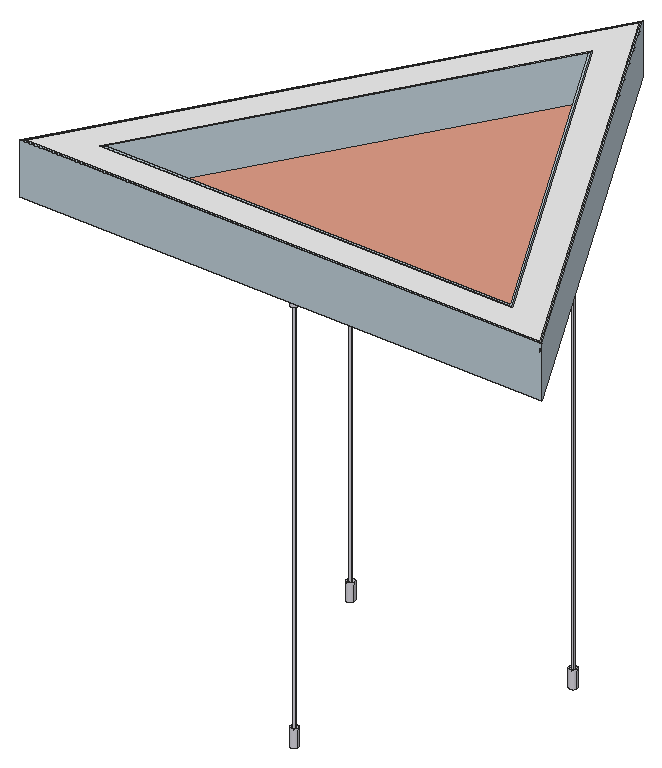
Revit family "TRIA PENDANT LIGHT", category Lighting Fixtures, host Face, Revit 2020
Family settings
  Host = Face
  Round Connector Dimension = Use Diameter
  Part Type = Normal
  Cut with Voids When Loaded = No
  Light Source = Yes
  Shared = No
  Room Calculation Point = No
Parameters (values of type "TRIA-90-40901-ACPMK-WH")
  Wattage Comments = "90W"
  Wattage = 60.5889 W
  WATTS = 90 W
  built-in parameter 1150110 = 1 (stored number, unit not read)
  Voltage Comments = "120-277V"  # constant formula
  Voltage = 277 V  # constant formula
  URL = "https://www.abovealllighting.com/Uploads/files/202403/TRIALightSPEC20240325.pdf"
  Type Comments = "TRIA PENDANT LIGHT"  # constant formula
  built-in parameter 1114217 = 1 (stored number, unit not read)
  Tilt Angle = -90.00°
  built-in parameter 1150109 = 1 (stored number, unit not read)
  built-in parameter 1150134 = 12
  Suspender Material = Acoustic -130
  built-in parameter 1150113 = 1 (stored number, unit not read)
  Photometric Web File = "generic"
  PENDENT MATERIAL = ALUMINIUM
  Order number = "16946"
  built-in parameter 1150142 = (empty or 0)
  Model = "TRIA-90-40901-ACPMK-WH"
  Manufacturer = "Above All Lighting"  # constant formula
  built-in parameter 1150105 = 716.2 (stored number, unit not read)
  Lumens = 9000 lm
  built-in parameter 1150115 = 1 (stored number, unit not read)
  built-in parameter 1150137 = (empty or 0)
  built-in parameter 1150139 = (empty or 0)
  built-in parameter 1150112 = 1 (stored number, unit not read)
  built-in parameter 1150114 = 1 (stored number, unit not read)
  Lamp = "TRIA PENDANT LIGHT"  # constant formula
  built-in parameter 1150132 = 2
  built-in parameter 1150102 = (empty or 0)
  built-in parameter 1150107 = 4000 (stored number, unit not read)
  built-in parameter 1150138 = (empty or 0)
  built-in parameter 1150106 = 7.162 (stored number, unit not read)
  IP Rating = "20"  # constant formula
  Fixture Height = 2' - 0"
  Finish/Color = WHITE
  built-in parameter 1150104 = 13.8 (stored number, unit not read)
  Dimming Lamp Color Temperature Shift = <None>
  Dimming / Control Comments = "0-10V Dim"  # constant formula
  Description = "The TRIA pendant comes in geometric triangle forms. Available in multiple sizes to fit the scale,\r\nproportions and light output requirements of the project. Optional acoustic system that maximizes \r\nsurface area to absorb sound waves and improve harmony in the installed space, providing a perfect \r\nintegration of lighting and acoustic control. "  # constant formula
  Default Elevation = 4' - 0"
  Color Filter = 16777215
  CRI = "90"  # constant formula
  Bulb Material = BLUB
  built-in parameter 1114218 = 1 (stored number, unit not read)
  Average life based on 77F(HRS) = "50000"  # constant formula
  built-in parameter 1150133 = 10 (stored number, unit not read)
  Apparent Load = 0 VA
  90W = yes
  40W = no
  25W = no
  180W = no
Reference planes (in)
  plane 1 "Center (Front/Back)": y = 0
  plane 2: z = 0
  plane 3 "Center (Left/Right)": x = 0
  plane 4: z = 24
  plane 5: z = 27
Dimensions and locks (in)
  "Fixture Height": plane 4 to plane 2
  locked: plane 5 to plane 4 at 3
  aligned and locked: plane 2 to host face
  aligned and locked: level to host face
  aligned and locked: plane 3 "Center (Left/Right)" to nested 1
  aligned and locked: plane 1 "Center (Front/Back)" to nested 1
  aligned and locked: plane 3 "Center (Left/Right)" to nested 2
  aligned and locked: plane 1 "Center (Front/Back)" to nested 2
  aligned and locked: plane 3 "Center (Left/Right)" to nested 3
  aligned and locked: plane 1 "Center (Front/Back)" to nested 3
  aligned and locked: plane 3 "Center (Left/Right)" to nested 4
  aligned and locked: plane 1 "Center (Front/Back)" to nested 4
  aligned and locked: plane 3 "Center (Left/Right)" to imposter light
  aligned and locked: imposter light to plane 1 "Center (Front/Back)"
  aligned and locked: plane 5 to imposter light
Automatic sketch dimensions
  host sketch curve to host sketch curve = 8' - 0"  (x2)
Nested families (in)
  nested 1: "NEST90W" at (0, 0, 0), Fixture Height <- "Fixture Height", Body Material <- "Finish/Color", Bulb Material <- "Bulb Material", PENDENT MATERIAL <- "PENDENT MATERIAL", Suspender Material <- "Suspender Material", 90W <- "90W", visible <- "90W", type "NEST90W"
    with Suspender Material Acoustic -130, PENDENT MATERIAL ALUMINIUM, Fixture Height 2' - 0", Bulb Material BLUB, Body Material WHITE, 90W yes
  nested 2: "NEST25W" at (0, 0, 0), 25W <- "25W", visible <- "25W", Body Material <- "Finish/Color", Bulb Material <- "Bulb Material", Suspender Material <- "Suspender Material", PENDENT MATERIAL <- "PENDENT MATERIAL", Fixture Height <- "Fixture Height", type "NEST25W"
    with Suspender Material Acoustic -130, PENDENT MATERIAL ALUMINIUM, Fixture Height 2' - 0", Bulb Material BLUB, Body Material WHITE, 25W no
  nested 3: "NEST40W" at (0, 0, 0), 40W <- "40W", visible <- "40W", Body Material <- "Finish/Color", Bulb Material <- "Bulb Material", PENDENT MATERIAL <- "PENDENT MATERIAL", Suspender Material <- "Suspender Material", Fixture Height <- "Fixture Height", type "NEST40W"
    with Suspender Material Acoustic -130, PENDENT MATERIAL ALUMINIUM, Fixture Height 2' - 0", Bulb Material BLUB, Body Material WHITE, 40W no
  nested 4: "NEST180W" at (0, 0, 0), 180W <- "180W", visible <- "180W", Body Material <- "Finish/Color", Bulb Material <- "Bulb Material", PENDENT MATERIAL <- "PENDENT MATERIAL", Suspender Material <- "Suspender Material", Fixture Height <- "Fixture Height", type "NEST180W"
    with Suspender Material Acoustic -130, PENDENT MATERIAL ALUMINIUM, Fixture Height 2' - 0", Bulb Material BLUB, Body Material WHITE, 180W no
Connectors (in)
  electrical at (0, 0, 0), driven by "Voltage", driven by "Apparent Load"
    settings: on host face, index 1, voltage 277 V, apparent load 0 VA, apparent load phase1 0 VA, apparent load phase2 0 VA, apparent load phase3 0 VA, power factor 1, load classification "Lighting", number of poles 1, system type 30, power factor state 1, is connector primary yes, connector utility no, sub classification motor no, connector description ""
Definition of nested family "NEST90W"
  Parameters (values of type "NEST90W")
    Suspender Material [instance] = none
    PENDENT MATERIAL [instance] = none
    H = 0' - 3"
    Fixture Height [instance] = 2' - 6"
    Default Elevation = 0' - 0"
    Bulb Material [instance] = none
    Body Material [instance] = none
    B = 2' - 2.6"
    A = 2' - 6.7"
    90W [instance] = yes
  Reference planes (in)
    plane 1 "Center (Front/Back)": y = 0
    plane 2: z = 0
    plane 3 "Center (Left/Right)": x = 0
    plane 4: x = -15.35
    plane 5: x = 15.35
    plane 6: y = 13.3
    plane 7: y = -13.3
    plane 8: z = 33
    plane 9: z = 30
  Forms (in)
    Extrusion 1, solid, material <- "Body Material", visible <- "90W"
      sketch origin (0, 0, 27.875) x (0, -1, 0) y (1, 0, 0)
        loop
          line (-13.3, 0) -> (13.3, -15.35) -> (13.3, 15.35) -> (-13.3, 0)
        loop
          line (-13.08354, 0) -> (13.175, -15.15282) -> (13.175, 15.15282) -> (-13.08354, 0)
      from 4.60371 to 5.125
    Extrusion 2, solid, material <- "Body Material", visible <- "90W"
      sketch origin (0, 0, 25) x (1, 0, 0) y (0, 1, 0)
        loop
          line (0, 13.3) -> (-15.35, -13.3) -> (15.35, -13.3) -> (0, 13.3)
        loop
          line (0, 9.35855) -> (-11.93869, -11.33) -> (11.93869, -11.33) -> (0, 9.35855)
      from 5 to 7.47871
    Extrusion 3, solid, material <- "Bulb Material", visible <- "90W"
      sketch origin (0, 0, 25) x (1, 0, 0) y (0, 1, 0)
        loop
          line (-15.15282, -13.175) -> (15.15282, -13.175) -> (0, 13.08354) -> (-15.15282, -13.175)
        loop
          line (0, 9.58841) -> (-12.12351, -11.44) -> (12.12351, -11.44) -> (0, 9.58841)
      from 7.47871 to 8
    Extrusion 4, solid, material <- "Suspender Material", visible <- "90W"
      sketch origin (0, 0, 25) x (1, 0, 0) y (0, 1, 0)
        loop
          line (-11.9327, -11.33) -> (11.9327, -11.33) -> (0, 9.3689) -> (-11.9327, -11.33)
      from 5 to 5.49158
    Revolve 5, solid, material <- "PENDENT MATERIAL", visible <- "90W"
      sketch origin (6.54155, 0, 0) x (1, 0, 0) y (0, 0, 1)
        loop
          line (0, 30) -> (-0.21875, 30) -> (-0.21875, 29.25) -> (-0.07459, 29.25) -> (-0.07459, 1) -> (-0.21875, 1) -> (-0.21875, 0) -> (0, 0) -> (0, 30)
        axis (0, 0) -> (0, 30)
      angle from 0 to 360
    Revolve 6, solid, material <- "PENDENT MATERIAL", visible <- "90W"
      sketch origin (0, -12.30698, 0) x (1, 0, 0) y (0, 0, 1)
        loop
          line (0, 30) -> (-0.21875, 30) -> (-0.21875, 29.25) -> (-0.07459, 29.25) -> (-0.07459, 1) -> (-0.21875, 1) -> (-0.21875, 0) -> (0, 0) -> (0, 30)
        axis (0, 0) -> (0, 30)
      angle from 0 to 360
    Revolve 7, solid, material <- "PENDENT MATERIAL", visible <- "90W"
      sketch origin (-6.54155, 0, 0) x (-1, 0, 0) y (0, 0, 1)
        loop
          line (0, 30) -> (-0.21875, 30) -> (-0.21875, 29.25) -> (-0.07459, 29.25) -> (-0.07459, 1) -> (-0.21875, 1) -> (-0.21875, 0) -> (0, 0) -> (0, 30)
        axis (0, 0) -> (0, 30)
      angle from 0 to 360
    Extrusion 8, solid, material <- "Body Material", visible <- "90W"
      sketch origin (0, 0, 0) x (1, 0, 0) y (0, 1, 0)
        loop
          line (0, 9.58841) -> (-12.12351, -11.44) -> (12.12351, -11.44) -> (0, 9.58841)
        loop
          line (0, 9.35855) -> (-11.93869, -11.33) -> (11.93869, -11.33) -> (0, 9.35855)
      from 32.47871 to 33
  Cuts and joins
    joined: Extrusion 1, Extrusion 2, Extrusion 8
  Dimensions and locks (in)
    equal spacing: plane 4, plane 3 "Center (Left/Right)", plane 5
    "A": plane 4 to plane 5
    equal spacing: plane 6, plane 1 "Center (Front/Back)", plane 7
    "B": plane 6 to plane 7
    locked: Extrusion 1 to Extrusion 2 sketch curve at 1.97  (x3)
    locked: Extrusion 2 to Extrusion 2 at 2.47871
    "H": plane 8 to plane 9
    "Fixture Height": plane 9 to plane 2
    locked: Extrusion 4 to Extrusion 4 at 0.49158
    aligned and locked: plane 2 to level
    aligned and locked: Extrusion 2 sketch curve to Extrusion 1  (x3)
    aligned and locked: plane 9 to Extrusion 2
    aligned and locked: Extrusion 4 to plane 9
    aligned and locked: plane 8 to Extrusion 1
    aligned and locked: Extrusion 1 to plane 8
    aligned and locked: Extrusion 1 to Extrusion 3  (x2)
    aligned and locked: Extrusion 2 to Extrusion 4
    aligned and locked: Extrusion 1 to Extrusion 2
    aligned and locked: Extrusion 2 to Revolve 6
    aligned and locked: Extrusion 2 to Revolve 5
    aligned and locked: Revolve 5 to plane 2  (x2)
    aligned and locked: plane 2 to Revolve 6
    aligned and locked: plane 9 to Revolve 7
    aligned and locked: plane 9 to Revolve 6
    aligned and locked: plane 9 to Revolve 5
    aligned and locked: plane 2 to Revolve 7
    aligned and locked: Revolve 6 to plane 2
    aligned and locked: Extrusion 8 sketch curve to Extrusion 3  (x3)
    aligned and locked: Extrusion 8 sketch curve to cut or joined group of Extrusion 1, Extrusion 2, Extrusion 8  (x3)
    aligned and locked: plane 8 to Extrusion 8
    aligned and locked: Extrusion 8 to cut or joined group of Extrusion 1, Extrusion 2, Extrusion 8
  Automatic sketch dimensions
    Extrusion 1 sketch curve to plane 3 "Center (Left/Right)" = 0' - 0"  (x2)
    Extrusion 1 sketch curve to plane 6 = 0' - 0"
    Extrusion 1 sketch curve to plane 5 = 0' - 0"
    plane 7 to Extrusion 1 sketch curve = 0' - 0"
    Extrusion 1 sketch curve to plane 4 = 0' - 0"
    Extrusion 1 sketch curve to Extrusion 1 sketch curve = 0' - 0.21646"
    Extrusion 1 sketch curve to plane 7 = 0' - 0 1/8"
    plane 4 to Extrusion 1 sketch curve = 0' - 0.19718"
    plane 5 to Extrusion 1 sketch curve = 0' - 0.19718"
    Extrusion 3 sketch curve to plane 3 "Center (Left/Right)" = 0' - 0"  (x2)
    plane 4 to Extrusion 3 sketch curve = 0' - 0.19718"
    plane 5 to Extrusion 3 sketch curve = 0' - 0.19718"
    Extrusion 3 sketch curve to plane 7 = 0' - 0 1/8"
    Extrusion 3 sketch curve to plane 6 = 0' - 0.21646"
    Revolve 5 sketch curve to plane 9 = 0' - 0"
    Revolve 5 sketch curve to level = 0' - 0"
    level to Revolve 5 sketch curve = 0' - 1"
    plane 3 "Center (Left/Right)" to Revolve 5 sketch curve = 0' - 6.3228"  (x2)
    Revolve 5 sketch curve to Revolve 5 sketch curve = 0' - 0.14416"
    Revolve 5 sketch curve to Revolve 5 sketch curve = 0' - 0 7/32"
    Revolve 5 sketch curve to plane 9 = 0' - 0 3/4"
    Revolve 5 sketch curve to Revolve 5 sketch curve = 0' - 0"
    level to Revolve 5 sketch curve = 0' - 0 1/2"
    Revolve 5 sketch curve to Revolve 5 sketch curve = 0' - 1"
    Revolve 6 sketch curve to plane 9 = 0' - 0"
    Revolve 6 sketch curve to level = 0' - 0"
    Revolve 6 sketch curve to plane 3 "Center (Left/Right)" = 0' - 0"  (x2)
    Revolve 6 sketch curve to plane 3 "Center (Left/Right)" = 0' - 0.07459"
    Revolve 6 sketch curve to Revolve 6 sketch curve = 0' - 0.14416"  (x2)
    level to Revolve 6 sketch curve = 0' - 1"
    Revolve 6 sketch curve to plane 9 = 0' - 0 3/4"
    level to Revolve 6 sketch curve = 0' - 0 1/2"
    Revolve 6 sketch curve to Revolve 6 sketch curve = 0' - 1"
    Revolve 7 sketch curve to plane 9 = 0' - 0"
    Revolve 7 sketch curve to level = 0' - 0"
    Revolve 7 sketch curve to level = 0' - 1"
    plane 3 "Center (Left/Right)" to Revolve 7 sketch curve = 0' - 6.3228"  (x2)
    Revolve 7 sketch curve to Revolve 7 sketch curve = 0' - 0.14416"
    Revolve 7 sketch curve to Revolve 7 sketch curve = 0' - 0 7/32"
    plane 9 to Revolve 7 sketch curve = 0' - 0 3/4"
    Revolve 7 sketch curve to Revolve 7 sketch curve = 0' - 0"
    Revolve 7 sketch curve to level = 0' - 0 1/2"
    Revolve 7 sketch curve to Revolve 7 sketch curve = 0' - 1"
    plane 4 to Extrusion 3 sketch curve = 0' - 3.22649"
    plane 5 to Extrusion 3 sketch curve = 0' - 3.22649"
    Extrusion 3 sketch curve to plane 7 = 0' - 1.86"
    Extrusion 3 sketch curve to Extrusion 3 sketch curve = 0' - 3.49513"
    Extrusion 4 sketch curve to plane 3 "Center (Left/Right)" = 0' - 0"
    plane 4 to Extrusion 4 sketch curve = 0' - 3.4173"
    plane 5 to Extrusion 4 sketch curve = 0' - 3.4173"
    Extrusion 4 sketch curve to plane 7 = 0' - 1.97"
    Extrusion 4 sketch curve to plane 6 = 0' - 3.9311"
Definition of nested family "NEST25W"
  Parameters (values of type "NEST25W")
    Suspender Material [instance] = none
    PENDENT MATERIAL [instance] = none
    H = 0' - 3"
    Fixture Height [instance] = 0' - 10"
    Default Elevation = 0' - 0"
    Bulb Material [instance] = none
    Body Material [instance] = none
    B = 1' - 2.2"
    A = 1' - 4.4"
    25W [instance] = yes
  Reference planes (in)
    plane 1 "Center (Front/Back)": y = 0
    plane 2: z = 0
    plane 3 "Center (Left/Right)": x = 0
    plane 4: x = -8.2
    plane 5: x = 8.2
    plane 6: y = 7.1
    plane 7: y = -7.1
    plane 8: z = 10
    plane 9: z = 13
  Forms (in)
    Sweep 1, solid, material <- "Body Material", visible <- "25W"
      path origin (0, 0, 24) x (1, 0, 0) y (0, 0, 1)
        loop
          line (-8.2, -14) -> (-8.2, -11.25)
      profile origin (-8.2, 0, 11.375) x (-1, 0, 0) y (0, -1, 0)
        loop
          line (0, 7.1) -> (-16.4, 7.1) -> (-8.2, -7.1) -> (0, 7.1)
        loop
          line (-3.41248, 5.13) -> (-12.98752, 5.13) -> (-8.2, -3.16059) -> (-3.41248, 5.13)
    Extrusion 2, solid, material <- "Suspender Material", visible <- "25W"
      sketch origin (0, 0, 24) x (1, 0, 0) y (0, 1, 0)
        loop
          line (-4.9847, -5.255) -> (4.9847, -5.255) -> (0, 3.37705) -> (-4.9847, -5.255)
        loop
          line (-4.78752, -5.13) -> (4.78752, -5.13) -> (0, 3.16059) -> (-4.78752, -5.13)
      from -14 to -11
    Extrusion 3, solid, material <- "Body Material", visible <- "25W"
      sketch origin (0, 0, 26.875) x (0, -1, 0) y (1, 0, 0)
        loop
          line (-7.1, 0) -> (7.1, -8.2) -> (7.1, 8.2) -> (-7.1, 0)
        loop
          line (-6.88354, 0) -> (6.975, -8.00282) -> (6.975, 8.00282) -> (-6.88354, 0)
      from -16.875 to -13.875
    Sweep 4, solid, material <- "Bulb Material", visible <- "25W"
      path origin (0, 0, 27) x (1, 0, 0) y (0, 0, -1)
        loop
          line (-8.2, 14.25) -> (-8.2, 14)
      profile origin (-8.2, 0, 12.875) x (-1, 0, 0) y (0, -1, 0)
        loop
          line (-0.19718, 6.975) -> (-16.20282, 6.975) -> (-8.2, -6.88354) -> (-0.19718, 6.975)
        loop
          line (-8.2, -3.37705) -> (-3.2153, 5.255) -> (-13.1847, 5.255) -> (-8.2, -3.37705)
    Extrusion 5, solid, material <- "Suspender Material", visible <- "25W"
      sketch origin (0, 0, 24) x (1, 0, 0) y (0, 1, 0)
        loop
          line (-4.78752, -5.13) -> (4.78752, -5.13) -> (0, 3.16059) -> (-4.78752, -5.13)
      from -14 to -13.75
    Revolve 6, solid, material <- "PENDENT MATERIAL", visible <- "25W"
      sketch origin (-3.00974, 0, 0) x (1, 0, 0) y (0, 0, 1)
        loop
          line (0, 10) -> (-0.21875, 10) -> (-0.21875, 9.25) -> (-0.07459, 9.25) -> (-0.07459, 1) -> (-0.21875, 1) -> (-0.21875, 0) -> (0, 0) -> (0, 10)
        axis (0, 0) -> (0, 10)
      angle from 0 to 360
    Revolve 7, solid, material <- "PENDENT MATERIAL", visible <- "25W"
      sketch origin (2.99026, 0, 0) x (1, 0, 0) y (0, 0, 1)
        loop
          line (0, 10) -> (-0.21875, 10) -> (-0.21875, 9.25) -> (-0.07459, 9.25) -> (-0.07459, 1) -> (-0.21875, 1) -> (-0.21875, 0) -> (0, 0) -> (0, 10)
        axis (0, 0) -> (0, 10)
      angle from 0 to 360
    Revolve 8, solid, material <- "PENDENT MATERIAL", visible <- "25W"
      sketch origin (0, -6.13094, 0) x (1, 0, 0) y (0, 0, 1)
        loop
          line (0, 10) -> (-0.21875, 10) -> (-0.21875, 9.25) -> (-0.07459, 9.25) -> (-0.07459, 1) -> (-0.21875, 1) -> (-0.21875, 0) -> (0, 0) -> (0, 10)
        axis (0, 0) -> (0, 10)
      angle from 0 to 360
  Cuts and joins
    joined: Extrusion 2, Extrusion 5
  Dimensions and locks (in)
    equal spacing: plane 4, plane 3 "Center (Left/Right)", plane 5
    "A": plane 4 to plane 5
    equal spacing: plane 6, plane 1 "Center (Front/Back)", plane 7
    "B": plane 6 to plane 7
    plane 5 to plane 4 = 1' - 4.4"
    Sweep 1 sketch curve to Sweep 1 sketch curve = 1' - 4.39756"
    "H": plane 9 to plane 8
    locked: Extrusion 5 to Sweep 1 at 0.25
    "Fixture Height": plane 8 to plane 2
    aligned and locked: plane 2 to level
    aligned and locked: Extrusion 2 sketch curve to Sweep 1  (x3)
    aligned and locked: plane 8 to Sweep 1
    aligned and locked: plane 8 to Extrusion 5
    aligned and locked: plane 9 to Extrusion 3
    aligned and locked: plane 9 to Sweep 4
    aligned and locked: plane 9 to Extrusion 2
    aligned and locked: Extrusion 3 to Extrusion 2
    aligned and locked: Extrusion 5 to Sweep 1
    aligned and locked: Revolve 6 to plane 8
    aligned and locked: Revolve 8 to plane 8
    aligned and locked: Revolve 7 to plane 8
    aligned and locked: Extrusion 3 to plane 8
  Automatic sketch dimensions
    Sweep 1 sketch curve to plane 4 = 0' - 0"
    Sweep 1 sketch curve to plane 8 = 0' - 0"
    Sweep 1 sketch curve to plane 9 = 0' - 0 1/4"
    Sweep 1 sketch curve to profile plane = 0' - 0"
    profile plane to Sweep 1 sketch curve = 0' - 3.41248"
    profile plane to Sweep 1 sketch curve = 0' - 8.2"
    Sweep 1 sketch curve to profile plane = 0' - 3.16059"
    Sweep 1 sketch curve to Sweep 1 sketch curve = 0' - 0"
    Sweep 1 sketch curve to Sweep 1 sketch curve = 0' - 4.78752"
    Sweep 1 sketch curve to Sweep 1 sketch curve = 0' - 3.41248"
    Sweep 1 sketch curve to Sweep 1 sketch curve = 0' - 3.93941"
    Sweep 1 sketch curve to Sweep 1 sketch curve = 0' - 1.97"
    Extrusion 2 sketch curve to plane 3 "Center (Left/Right)" = 0' - 0"
    Extrusion 2 sketch curve to Extrusion 2 sketch curve = 0' - 0.19718"  (x2)
    Extrusion 2 sketch curve to Extrusion 2 sketch curve = 0' - 0 1/8"
    Extrusion 2 sketch curve to Extrusion 2 sketch curve = 0' - 0.21646"
    Extrusion 3 sketch curve to plane 3 "Center (Left/Right)" = 0' - 0"  (x2)
    Extrusion 3 sketch curve to plane 6 = 0' - 0"
    Extrusion 3 sketch curve to plane 5 = 0' - 0"
    plane 7 to Extrusion 3 sketch curve = 0' - 0"
    Extrusion 3 sketch curve to plane 4 = 0' - 0"
    Extrusion 3 sketch curve to plane 6 = 0' - 0.21646"
    Extrusion 3 sketch curve to plane 7 = 0' - 0 1/8"
    plane 4 to Extrusion 3 sketch curve = 0' - 0.19718"
    plane 5 to Extrusion 3 sketch curve = 0' - 0.19718"
    Sweep 4 sketch curve to plane 4 = 0' - 0"
    Sweep 4 sketch curve to plane 9 = 0' - 0"
    plane 9 to Sweep 4 sketch curve = 0' - 0 1/4"
    profile plane to Sweep 4 sketch curve = 0' - 6.975"
    profile plane to Sweep 4 sketch curve = 1' - 4.20282"
    profile plane to Sweep 4 sketch curve = 0' - 5.255"
    Sweep 4 sketch curve to Sweep 4 sketch curve = 0' - 3.01811"
    Sweep 4 sketch curve to profile plane = 0' - 3.37705"
    profile plane to Sweep 4 sketch curve = 0' - 8.2"
    Sweep 4 sketch curve to Sweep 4 sketch curve = 0' - 0"
    profile plane to Sweep 4 sketch curve = 0' - 3.2153"
    profile plane to Sweep 4 sketch curve = 0' - 0.19718"
    Sweep 4 sketch curve to Sweep 4 sketch curve = 0' - 3.50649"
    Extrusion 5 sketch curve to plane 3 "Center (Left/Right)" = 0' - 0"
    plane 4 to Extrusion 5 sketch curve = 0' - 3.41248"
    plane 5 to Extrusion 5 sketch curve = 0' - 3.41248"
    Extrusion 5 sketch curve to plane 7 = 0' - 1.97"
    Extrusion 5 sketch curve to plane 1 "Center (Front/Back)" = 0' - 3.16059"
    Revolve 6 sketch curve to level = 0' - 0"
    level to Revolve 6 sketch curve = 0' - 1"
    Revolve 6 sketch curve to plane 3 "Center (Left/Right)" = 0' - 3.22849"  (x2)
    Revolve 6 sketch curve to Revolve 6 sketch curve = 0' - 0.14416"
    Revolve 6 sketch curve to Revolve 6 sketch curve = 0' - 0 7/32"
    Revolve 6 sketch curve to Revolve 6 sketch curve = 0' - 8 1/4"
    Revolve 6 sketch curve to Revolve 6 sketch curve = 0' - 0 3/4"
    Revolve 6 sketch curve to Revolve 6 sketch curve = 0' - 0"
    level to Revolve 6 sketch curve = 0' - 0 1/2"
    Revolve 6 sketch curve to Revolve 6 sketch curve = 0' - 1"
    Revolve 7 sketch curve to level = 0' - 0"
    level to Revolve 7 sketch curve = 0' - 1"
    plane 3 "Center (Left/Right)" to Revolve 7 sketch curve = 0' - 2.77151"  (x2)
    Revolve 7 sketch curve to Revolve 7 sketch curve = 0' - 0.14416"
    Revolve 7 sketch curve to Revolve 7 sketch curve = 0' - 0 7/32"
    Revolve 7 sketch curve to Revolve 7 sketch curve = 0' - 8 1/4"
    Revolve 7 sketch curve to Revolve 7 sketch curve = 0' - 0 3/4"
    Revolve 7 sketch curve to Revolve 7 sketch curve = 0' - 0"
    level to Revolve 7 sketch curve = 0' - 0 1/2"
    Revolve 7 sketch curve to Revolve 7 sketch curve = 0' - 1"
    Revolve 8 sketch curve to level = 0' - 0"
    Revolve 8 sketch curve to plane 3 "Center (Left/Right)" = 0' - 0"  (x2)
    Revolve 8 sketch curve to plane 3 "Center (Left/Right)" = 0' - 0.07459"
    Revolve 8 sketch curve to Revolve 8 sketch curve = 0' - 0.14416"  (x2)
    level to Revolve 8 sketch curve = 0' - 1"
    Revolve 8 sketch curve to Revolve 8 sketch curve = 0' - 8 1/4"
    Revolve 8 sketch curve to Revolve 8 sketch curve = 0' - 0 3/4"
    level to Revolve 8 sketch curve = 0' - 0 1/2"
    Revolve 8 sketch curve to Revolve 8 sketch curve = 0' - 1"
Definition of nested family "NEST40W"
  Parameters (values of type "NEST40W")
    Suspender Material [instance] = none
    PENDENT MATERIAL [instance] = none
    H = 0' - 3"
    Fixture Height [instance] = 0' - 10"
    Default Elevation = 0' - 0"
    Bulb Material [instance] = none
    Body Material [instance] = none
    B = 1' - 5.7"
    A = 1' - 8 1/2"
    40W [instance] = yes
  Reference planes (in)
    plane 1 "Center (Front/Back)": y = 0
    plane 2: z = 0
    plane 3 "Center (Left/Right)": x = 0
    plane 4: x = -10.25
    plane 5: x = 10.25
    plane 6: y = 8.85
    plane 7: y = -8.85
    plane 8: z = 13
    plane 9: z = 10
  Forms (in)
    Extrusion 1, solid, material <- "Body Material", visible <- "40W"
      sketch origin (0, 0, 27.875) x (0, -1, 0) y (1, 0, 0)
        loop
          line (-8.85, 0) -> (8.85, -10.25) -> (8.85, 10.25) -> (-8.85, 0)
        loop
          line (-8.63354, 0) -> (8.725, -10.05282) -> (8.725, 10.05282) -> (-8.63354, 0)
      from -15.39629 to -14.875
    Extrusion 2, solid, material <- "Body Material", visible <- "40W"
      sketch origin (0, 0, 25) x (1, 0, 0) y (0, 1, 0)
        loop
          line (0, 8.85) -> (-10.25, -8.85) -> (10.25, -8.85) -> (0, 8.85)
        loop
          line (0, 4.9189) -> (-6.8327, -6.88) -> (6.8327, -6.88) -> (0, 4.9189)
      from -15 to -12.52129
    Extrusion 3, solid, material <- "Body Material", visible <- "40W"
      sketch origin (0, 0, 25) x (1, 0, 0) y (0, 1, 0)
        loop
          line (0, 4.9189) -> (-6.8327, -6.88) -> (6.8327, -6.88) -> (0, 4.9189)
        loop
          line (-7.02351, -6.99) -> (7.02351, -6.99) -> (0, 5.13841) -> (-7.02351, -6.99)
      from -12.52129 to -12
    Extrusion 4, solid, material <- "Bulb Material", visible <- "40W"
      sketch origin (0, 0, 25) x (1, 0, 0) y (0, 1, 0)
        loop
          line (-10.05282, -8.725) -> (10.05282, -8.725) -> (0, 8.63354) -> (-10.05282, -8.725)
        loop
          line (0, 5.13841) -> (-7.02351, -6.99) -> (7.02351, -6.99) -> (0, 5.13841)
      from -12.52129 to -12
    Extrusion 5, solid, material <- "Suspender Material", visible <- "40W"
      sketch origin (0, 0, 25) x (1, 0, 0) y (0, 1, 0)
        loop
          line (-6.8327, -6.88) -> (6.8327, -6.88) -> (0, 4.9189) -> (-6.8327, -6.88)
      from -15 to -14.50842
    Revolve 6, solid, material <- "PENDENT MATERIAL", visible <- "40W"
      sketch origin (-4.09235, 0, 0) x (1, 0, 0) y (0, 0, 1)
        loop
          line (0, 10) -> (-0.21875, 10) -> (-0.21875, 9.25) -> (-0.07459, 9.25) -> (-0.07459, 1) -> (-0.21875, 1) -> (-0.21875, 0) -> (0, 0) -> (0, 10)
        axis (0, 0) -> (0, 10)
      angle from 0 to 360
    Revolve 7, solid, material <- "PENDENT MATERIAL", visible <- "40W"
      sketch origin (4.04155, 0, 0) x (1, 0, 0) y (0, 0, 1)
        loop
          line (0, 10) -> (-0.21875, 10) -> (-0.21875, 9.25) -> (-0.07459, 9.25) -> (-0.07459, 1) -> (-0.21875, 1) -> (-0.21875, 0) -> (0, 0) -> (0, 10)
        axis (0, 0) -> (0, 10)
      angle from 0 to 360
    Revolve 8, solid, material <- "PENDENT MATERIAL", visible <- "40W"
      sketch origin (0, -7.93198, 0) x (1, 0, 0) y (0, 0, 1)
        loop
          line (0, 10) -> (-0.21875, 10) -> (-0.21875, 9.25) -> (-0.07459, 9.25) -> (-0.07459, 1) -> (-0.21875, 1) -> (-0.21875, 0) -> (0, 0) -> (0, 10)
        axis (0, 0) -> (0, 10)
      angle from 0 to 360
  Cuts and joins
    joined: Extrusion 1, Extrusion 2, Extrusion 3
  Dimensions and locks (in)
    equal spacing: plane 4, plane 3 "Center (Left/Right)", plane 5
    "A": plane 4 to plane 5
    equal spacing: plane 6, plane 1 "Center (Front/Back)", plane 7
    "B": plane 6 to plane 7
    locked: Extrusion 1 to Extrusion 2 sketch curve at 1.97  (x3)
    locked: Extrusion 2 to Extrusion 2 at 2.47871
    "H": plane 8 to plane 9
    "Fixture Height": plane 9 to plane 2
    locked: Extrusion 5 to Extrusion 5 at 0.49158
    aligned and locked: plane 2 to level
    aligned and locked: Extrusion 2 sketch curve to Extrusion 1  (x3)
    aligned and locked: Extrusion 4 sketch curve to Extrusion 3  (x3)
    aligned and locked: Extrusion 5 sketch curve to Extrusion 3  (x3)
    aligned and locked: plane 9 to Extrusion 2
    aligned and locked: Extrusion 5 to plane 9
    aligned and locked: plane 8 to Extrusion 1
    aligned and locked: Extrusion 1 to plane 8
    aligned and locked: plane 8 to Extrusion 3
    aligned and locked: Extrusion 1 to Extrusion 3  (x2)
    aligned and locked: Extrusion 1 to Extrusion 4  (x2)
    aligned and locked: Extrusion 2 to Extrusion 5
    aligned and locked: Extrusion 1 to Extrusion 2
    aligned and locked: Extrusion 2 to Revolve 6
    aligned and locked: Extrusion 2 to Revolve 8
    aligned and locked: Extrusion 2 to Revolve 7
    aligned and locked: Revolve 7 to plane 2
    aligned and locked: plane 2 to Revolve 8
    aligned and locked: plane 2 to Revolve 6
  Automatic sketch dimensions
    Extrusion 1 sketch curve to plane 3 "Center (Left/Right)" = 0' - 0"  (x2)
    Extrusion 1 sketch curve to plane 6 = 0' - 0"
    Extrusion 1 sketch curve to plane 5 = 0' - 0"
    plane 7 to Extrusion 1 sketch curve = 0' - 0"
    Extrusion 1 sketch curve to plane 4 = 0' - 0"
    Extrusion 1 sketch curve to Extrusion 1 sketch curve = 0' - 0.21646"
    Extrusion 1 sketch curve to plane 7 = 0' - 0 1/8"
    plane 4 to Extrusion 1 sketch curve = 0' - 0.19718"
    plane 5 to Extrusion 1 sketch curve = 0' - 0.19718"
    Extrusion 3 sketch curve to plane 3 "Center (Left/Right)" = 0' - 0"  (x2)
    plane 4 to Extrusion 3 sketch curve = 0' - 3.4173"
    Extrusion 3 sketch curve to Extrusion 3 sketch curve = 0' - 0.19081"  (x2)
    plane 5 to Extrusion 3 sketch curve = 0' - 3.4173"
    Extrusion 3 sketch curve to plane 7 = 0' - 1.86"
    Extrusion 3 sketch curve to Extrusion 3 sketch curve = 0' - 0.11"
    Extrusion 3 sketch curve to plane 6 = 0' - 3.9311"
    Extrusion 3 sketch curve to Extrusion 3 sketch curve = 0' - 0.2195"
    Extrusion 4 sketch curve to plane 3 "Center (Left/Right)" = 0' - 0"
    plane 4 to Extrusion 4 sketch curve = 0' - 0.19718"
    plane 5 to Extrusion 4 sketch curve = 0' - 0.19718"
    Extrusion 4 sketch curve to plane 7 = 0' - 0 1/8"
    Extrusion 4 sketch curve to plane 6 = 0' - 0.21646"
    Revolve 6 sketch curve to plane 9 = 0' - 0"
    Revolve 6 sketch curve to level = 0' - 0"
    level to Revolve 6 sketch curve = 0' - 1"
    Revolve 6 sketch curve to plane 3 "Center (Left/Right)" = 0' - 4.3111"  (x2)
    Revolve 6 sketch curve to Revolve 6 sketch curve = 0' - 0.14416"
    Revolve 6 sketch curve to Revolve 6 sketch curve = 0' - 0 7/32"
    Revolve 6 sketch curve to plane 9 = 0' - 0 3/4"
    Revolve 6 sketch curve to Revolve 6 sketch curve = 0' - 0"
    Revolve 6 sketch curve to Revolve 6 sketch curve = 0' - 0 1/2"
    Revolve 6 sketch curve to Revolve 6 sketch curve = 0' - 1"
    Revolve 7 sketch curve to plane 9 = 0' - 0"
    Revolve 7 sketch curve to level = 0' - 0"
    level to Revolve 7 sketch curve = 0' - 1"
    plane 3 "Center (Left/Right)" to Revolve 7 sketch curve = 0' - 3.8228"  (x2)
    Revolve 7 sketch curve to Revolve 7 sketch curve = 0' - 0.14416"
    Revolve 7 sketch curve to Revolve 7 sketch curve = 0' - 0 7/32"
    Revolve 7 sketch curve to plane 9 = 0' - 0 3/4"
    Revolve 7 sketch curve to Revolve 7 sketch curve = 0' - 0"
    Revolve 7 sketch curve to Revolve 7 sketch curve = 0' - 0 1/2"
    Revolve 7 sketch curve to Revolve 7 sketch curve = 0' - 1"
    Revolve 8 sketch curve to plane 9 = 0' - 0"
    Revolve 8 sketch curve to level = 0' - 0"
    Revolve 8 sketch curve to plane 3 "Center (Left/Right)" = 0' - 0"  (x2)
    Revolve 8 sketch curve to plane 3 "Center (Left/Right)" = 0' - 0.07459"
    Revolve 8 sketch curve to Revolve 8 sketch curve = 0' - 0.14416"  (x2)
    Revolve 8 sketch curve to Revolve 8 sketch curve = 0' - 1"  (x2)
    Revolve 8 sketch curve to plane 9 = 0' - 0 3/4"
    Revolve 8 sketch curve to Revolve 8 sketch curve = 0' - 0 1/2"
Definition of nested family "NEST180W"
  Parameters (values of type "NEST180W")
    Suspender Material [instance] = none
    PENDENT MATERIAL [instance] = none
    H = 0' - 3"
    Fixture Height [instance] = 1' - 8"
    Default Elevation = 0' - 0"
    Bulb Material [instance] = none
    Body Material [instance] = none
    B = 2' - 11.4"
    A = 3' - 4.9"
    180W [instance] = yes
  Reference planes (in)
    plane 1 "Center (Front/Back)": y = 0
    plane 2: z = 0
    plane 3 "Center (Left/Right)": x = 0
    plane 4: x = -20.45
    plane 5: x = 20.45
    plane 6: y = 17.7
    plane 7: y = -17.7
    plane 8: z = 23
    plane 9: z = 20
  Forms (in)
    Extrusion 1, solid, material <- "Body Material", visible <- "180W"
      sketch origin (0, 0, 27.875) x (0, -1, 0) y (1, 0, 0)
        loop
          line (-17.7, 0) -> (17.7, -20.45) -> (17.7, 20.45) -> (-17.7, 0)
        loop
          line (-17.48354, 0) -> (17.575, -20.25282) -> (17.575, 20.25282) -> (-17.48354, 0)
      from -5.39629 to -4.875
    Extrusion 2, solid, material <- "Body Material", visible <- "180W"
      sketch origin (0, 0, 25) x (1, 0, 0) y (0, 1, 0)
        loop
          line (0, 17.7) -> (-20.45, -17.7) -> (20.45, -17.7) -> (0, 17.7)
        loop
          line (0, 13.76171) -> (-17.03687, -15.73) -> (17.03687, -15.73) -> (0, 13.76171)
      from -5 to -2.52129
    Extrusion 3, solid, material <- "Bulb Material", visible <- "180W"
      sketch origin (0, 0, 25) x (1, 0, 0) y (0, 1, 0)
        loop
          line (-20.25282, -17.575) -> (20.25282, -17.575) -> (0, 17.48354) -> (-20.25282, -17.575)
        loop
          line (0, 13.98841) -> (-17.22351, -15.84) -> (17.22351, -15.84) -> (0, 13.98841)
      from -2.52129 to -2
    Extrusion 4, solid, material <- "Suspender Material", visible <- "180W"
      sketch origin (0, 0, 25) x (1, 0, 0) y (0, 1, 0)
        loop
          line (-17.0327, -15.73) -> (17.0327, -15.73) -> (0, 13.7689) -> (-17.0327, -15.73)
      from -5 to -4.50842
    Revolve 5, solid, material <- "PENDENT MATERIAL", visible <- "180W"
      sketch origin (-9.09235, 0, 0) x (1, 0, 0) y (0, 0, 1)
        loop
          line (0, 20) -> (-0.21875, 20) -> (-0.21875, 19.25) -> (-0.07459, 19.25) -> (-0.07459, 1) -> (-0.21875, 1) -> (-0.21875, 0) -> (0, 0) -> (0, 20)
        axis (0, 0) -> (0, 20)
      angle from 0 to 360
    Revolve 6, solid, material <- "PENDENT MATERIAL", visible <- "180W"
      sketch origin (0, -16.68198, 0) x (1, 0, 0) y (0, 0, 1)
        loop
          line (0, 20) -> (-0.21875, 20) -> (-0.21875, 19.25) -> (-0.07459, 19.25) -> (-0.07459, 1) -> (-0.21875, 1) -> (-0.21875, 0) -> (0, 0) -> (0, 20)
        axis (0, 0) -> (0, 20)
      angle from 0 to 360
    Revolve 7, solid, material <- "PENDENT MATERIAL", visible <- "180W"
      sketch origin (9.09235, 0, 0) x (-1, 0, 0) y (0, 0, 1)
        loop
          line (0, 20) -> (-0.21875, 20) -> (-0.21875, 19.25) -> (-0.07459, 19.25) -> (-0.07459, 1) -> (-0.21875, 1) -> (-0.21875, 0) -> (0, 0) -> (0, 20)
        axis (0, 0) -> (0, 20)
      angle from 0 to 360
    Extrusion 8, solid, material <- "Body Material", visible <- "180W"
      sketch origin (0, 0, 0) x (1, 0, 0) y (0, 1, 0)
        loop
          line (-17.03687, -15.73) -> (17.03687, -15.73) -> (0, 13.76171) -> (-17.03687, -15.73)
        loop
          line (0, 13.98841) -> (-17.22351, -15.84) -> (17.22351, -15.84) -> (0, 13.98841)
      from 22.47871 to 23
  Cuts and joins
    joined: Extrusion 1, Extrusion 2, Extrusion 8
  Dimensions and locks (in)
    equal spacing: plane 4, plane 3 "Center (Left/Right)", plane 5
    "A": plane 4 to plane 5
    equal spacing: plane 6, plane 1 "Center (Front/Back)", plane 7
    "B": plane 6 to plane 7
    locked: Extrusion 1 to Extrusion 2 sketch curve at 1.97  (x3)
    locked: Extrusion 2 to Extrusion 2 at 2.47871
    "H": plane 8 to plane 9
    "Fixture Height": plane 9 to plane 2
    locked: Extrusion 4 to Extrusion 4 at 0.49158
    aligned and locked: plane 2 to level
    aligned and locked: Extrusion 2 sketch curve to Extrusion 1  (x3)
    aligned and locked: plane 9 to Extrusion 2
    aligned and locked: Extrusion 4 to plane 9
    aligned and locked: plane 8 to Extrusion 1
    aligned and locked: Extrusion 1 to plane 8
    aligned and locked: Extrusion 1 to Extrusion 3  (x2)
    aligned and locked: Extrusion 2 to Extrusion 4
    aligned and locked: Extrusion 1 to Extrusion 2
    aligned and locked: Extrusion 2 to Revolve 5
    aligned and locked: Extrusion 2 to Revolve 6
    aligned and locked: plane 2 to Revolve 6
    aligned and locked: plane 2 to Revolve 5
    aligned and locked: Extrusion 8 sketch curve to cut or joined group of Extrusion 1, Extrusion 2, Extrusion 8  (x3)
    aligned and locked: Extrusion 8 sketch curve to Extrusion 3  (x3)
    aligned and locked: plane 8 to Extrusion 8
    aligned and locked: Extrusion 8 to cut or joined group of Extrusion 1, Extrusion 2, Extrusion 8
  Automatic sketch dimensions
    Extrusion 1 sketch curve to plane 3 "Center (Left/Right)" = 0' - 0"  (x2)
    Extrusion 1 sketch curve to plane 6 = 0' - 0"
    Extrusion 1 sketch curve to plane 5 = 0' - 0"
    plane 7 to Extrusion 1 sketch curve = 0' - 0"
    Extrusion 1 sketch curve to plane 4 = 0' - 0"
    Extrusion 1 sketch curve to Extrusion 1 sketch curve = 0' - 0.21646"
    Extrusion 1 sketch curve to plane 7 = 0' - 0 1/8"
    plane 4 to Extrusion 1 sketch curve = 0' - 0.19718"
    plane 5 to Extrusion 1 sketch curve = 0' - 0.19718"
    Extrusion 3 sketch curve to plane 3 "Center (Left/Right)" = 0' - 0"  (x2)
    plane 4 to Extrusion 3 sketch curve = 0' - 3.22649"
    plane 4 to Extrusion 3 sketch curve = 0' - 0.19718"
    plane 5 to Extrusion 3 sketch curve = 0' - 3.22649"
    plane 5 to Extrusion 3 sketch curve = 0' - 0.19718"
    Extrusion 3 sketch curve to plane 7 = 0' - 0 1/8"
    Extrusion 3 sketch curve to plane 7 = 0' - 1.86"
    Extrusion 3 sketch curve to plane 6 = 0' - 3.71159"
    Extrusion 3 sketch curve to plane 6 = 0' - 0.21646"
    Extrusion 4 sketch curve to plane 3 "Center (Left/Right)" = 0' - 0"
    plane 4 to Extrusion 4 sketch curve = 0' - 3.4173"
    plane 5 to Extrusion 4 sketch curve = 0' - 3.4173"
    Extrusion 4 sketch curve to plane 7 = 0' - 1.97"
    Extrusion 4 sketch curve to plane 6 = 0' - 3.9311"
    Revolve 5 sketch curve to plane 9 = 0' - 0"
    Revolve 5 sketch curve to level = 0' - 0"
    level to Revolve 5 sketch curve = 0' - 1"
    Revolve 5 sketch curve to plane 3 "Center (Left/Right)" = 0' - 9.3111"
    Revolve 5 sketch curve to Revolve 5 sketch curve = 0' - 0"  (x2)
    Revolve 5 sketch curve to Revolve 5 sketch curve = 0' - 0.14416"
    Revolve 5 sketch curve to Revolve 5 sketch curve = 0' - 0 7/32"
    Revolve 5 sketch curve to plane 9 = 0' - 0 3/4"
    level to Revolve 5 sketch curve = 0' - 0 1/2"
    Revolve 5 sketch curve to Revolve 5 sketch curve = 0' - 1"
    Revolve 6 sketch curve to plane 9 = 0' - 0"
    Revolve 6 sketch curve to level = 0' - 0"
    Revolve 6 sketch curve to plane 3 "Center (Left/Right)" = 0' - 0"  (x2)
    Revolve 6 sketch curve to plane 3 "Center (Left/Right)" = 0' - 0.07459"
    Revolve 6 sketch curve to Revolve 6 sketch curve = 0' - 0.14416"  (x2)
    level to Revolve 6 sketch curve = 0' - 1"
    Revolve 6 sketch curve to plane 9 = 0' - 0 3/4"
    level to Revolve 6 sketch curve = 0' - 0 1/2"
    Revolve 6 sketch curve to Revolve 6 sketch curve = 0' - 1"
    Revolve 7 sketch curve to plane 9 = 0' - 0"
    Revolve 7 sketch curve to level = 0' - 0"
    Revolve 7 sketch curve to level = 0' - 1"
    Revolve 7 sketch curve to plane 3 "Center (Left/Right)" = 0' - 9.3111"
    Revolve 7 sketch curve to Revolve 7 sketch curve = 0' - 0"  (x2)
    Revolve 7 sketch curve to Revolve 7 sketch curve = 0' - 0.14416"
    Revolve 7 sketch curve to Revolve 7 sketch curve = 0' - 0 7/32"
    plane 9 to Revolve 7 sketch curve = 0' - 0 3/4"
    Revolve 7 sketch curve to level = 0' - 0 1/2"
    Revolve 7 sketch curve to Revolve 7 sketch curve = 0' - 1"
Types (5): name | Wattage Comments | Wattage | WATTS | Photometric Web File | Order number | built-in parameter 1150142 | Model | built-in parameter 1150105 | Lumens | built-in parameter 1150106 | Fixture Height | 90W | 40W | 25W | 180W
  (no name) | "90W" | 60.5889 W | 90 W | "generic" | "16946" | (empty or 0) | "TRIA-90-40901-ACPMK-WH" | 716.2 (stored number, unit not read) | 9000 lm | 7.162 (stored number, unit not read) | 2' - 0" | yes | no | no | no
